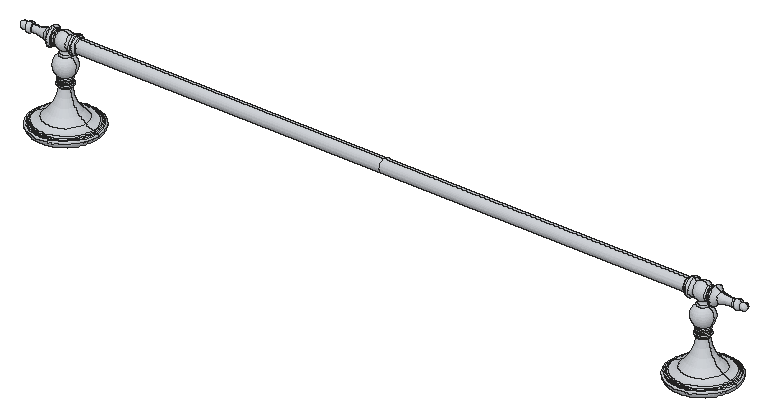
Revit family "Accessory-Towel_Bar-KOHLER-Decorative-K-26524_1", category Specialty Equipment, host Face, Revit 2021
Family settings
  Host = Face
  Round Connector Dimension = Use Diameter
  Part Type = Normal
  OmniClass Number = 23.31.25.25
  OmniClass Title = Towel Bars
  Cut with Voids When Loaded = No
  Shared = No
  Room Calculation Point = No
Parameters (values of type "CP-Polished Chrome")
  Width = 3 43/128"  # constant formula
  WaterSense Certified = 1 = 0  # no
  URL = "https://www.us.kohler.com/us/"
  Type = 3
  Product Page URL = "http://www.us.kohler.com/us/catalog/productDetails.jsp?productId=26524"
  Product Name = "Decorative"  # constant formula
  Product Documentation Link = "https://www.us.kohler.com/webassets/kpna/catalog/pdf/en/K-26524_spec_US-CA_Kohler_en.pdf"
  Model = if(Type = 1, "K-26524-2BZ", if(Type = 2, "K-26524-BN", if(Type = 3, "K-26524-CP", if(Type = 4, "K-26524-2MB", "NA"))))  # "K-26524-CP"
  Material = "Premium Metal Construction"  # constant formula
  Master Format 2014 Name = "Toilet, Bath, and Laundry Accessories"  # constant formula
  Master Format 2014 = "10 28 00"  # constant formula
  Manufacturer Address = "444 Highland Dr, Kohler, WI 53044"  # constant formula
  Manufacturer = "Kohler Co."  # constant formula
  Length = 27 85/256"  # constant formula
  Height = 2 123/256"  # constant formula
  Finish = Kohler-Metal-CP-Polished_Chrome
  Environmental Product Declaration = ""
  Description = "24 Inch towel bar"  # constant formula
  Default Elevation = 42"
  Declare Label = ""
  Date Modified = "11/21/2022"  # constant formula
  Date Created = "11/21/2022"  # constant formula
  Copyright = "Copyright Kohler Co."  # constant formula
  Contact Us = "https://www.us.kohler.com/us/static/contact.jsp"
  Assembly Code = "C1030200"
  ADA Compliant = 1 = 0  # no
Types (5): name | Type | Model | Finish
  (no name) | 3 | "K-26524-CP" | Kohler-Metal-CP-Polished_Chrome
  2BZ-Oil Rubbed Bronze | 1 | "K-26524-2BZ" | Kohler-Metal-2BZ-Oil_Rubbed_Bronze
  BN-Vibrant Brushed Nickel | 2 | "K-26524-BN" | Kohler-Metal-BN-Vibrant_Brushed_Nickel
  CP-Polished Chrome | 3 | "K-26524-CP" | Kohler-Metal-CP-Polished_Chrome
  2MB-Vibrant Brushed Moderne Brass | 4 | "K-26524-2MB" | Kohler-Metal-2MB-Vibrant_Brushed_Moderne_Brass
Reference planes (in)
  plane 1 "Center (Front/Back)": y = 0
  plane 2: z = 0
  plane 3 "Center (Left/Right)": x = 0
  plane 4: x = -13.66575
  plane 5: x = 13.66628
  plane 6: z = 3.33594
  plane 7: x = -12.00012
  plane 8: x = 12.00012
  plane 9: z = 2.98701
  plane 10: z = 2.63834
  plane 11: y = 1.24016
  plane 12: y = -1.24031
  plane 13: y = 0.23754
  plane 14: y = -0.23754
Dimensions and locks (in)
  "Length": plane 4 to plane 5
  "Height": plane 11 to plane 12
  "Width": level to plane 6
  plane 4 to plane 5 = 27 85/256"
  plane 13 to plane 14 = 0.47508"
  plane 9 to level = 2.98701"
  plane 7 to plane 8 = 24.00023"
  plane 11 to plane 12 = 2 123/256"
  level to plane 6 = 3 43/128"
  aligned and locked: plane 2 to host face
  aligned and locked: level to host face
  aligned and locked: plane 1 "Center (Front/Back)" to nested 1
  aligned and locked: plane 3 "Center (Left/Right)" to nested 1
Automatic sketch dimensions
  host sketch curve to host sketch curve = 96"  (x2)
Nested families (in)
  nested 1: "K-26524" at (0, 0, 0), type "K-26524"
Definition of nested family "K-26524"
  Parameters
    Material = none
    Default Elevation = 0"
  Reference planes (in)
    plane 1 "Center (Front/Back)": y = 0
    plane 2: z = 0
    plane 3 "Center (Left/Right)": x = 0
    plane 4: x = 13.66575
    plane 5: x = -13.66575
    plane 6: x = -12.00012
    plane 7: x = 12.00012
    plane 8: z = 2.98701
    plane 9: z = 3.33568
    plane 10: y = 1.24016
    plane 11: y = -1.24016
    plane 12: x = -10.75996
    plane 13: x = -13.24027
    plane 14: x = 10.75996
    plane 15: x = 13.24027
  Forms (in)
    Revolve 1, solid, material <- "Material", detail levels medium+fine
      sketch origin (0, 0, 0.00961) x (1, 0, 0) y (0, 0, 1)
        loop
          line (-11.43628, 2.73997) -> (0, 2.73997) -> (11.43628, 2.73997)
          arc (11.43628, 2.73997) -> (11.46482, 2.73277) -> (11.48653, 2.7129) r 0.06018
          arc (11.48653, 2.7129) -> (11.51412, 2.68604) -> (11.55041, 2.67322) r 0.08973
          arc (11.55041, 2.67322) -> (11.56827, 2.66844) -> (11.58415, 2.65897) r 0.06717
          arc (11.58415, 2.65897) -> (11.62861, 2.64943) -> (11.66287, 2.67934) r 0.05076
          arc (11.66287, 2.67934) -> (11.72813, 2.73796) -> (11.8146, 2.72324) r 0.10079
          arc (11.8146, 2.72324) -> (12.01893, 2.66383) -> (12.21584, 2.74447) r 0.32285
          arc (12.21584, 2.74447) -> (12.24588, 2.76358) -> (12.28036, 2.77244) r 0.11338
          arc (12.28036, 2.77244) -> (12.29598, 2.77293) -> (12.31155, 2.77147) r 0.1251
          line (12.31155, 2.77147) -> (12.31155, 2.74072)
          arc (12.31155, 2.74072) -> (12.31731, 2.72681) -> (12.33122, 2.72105) r 0.01967
          line (12.33122, 2.72105) -> (12.37875, 2.72105)
          arc (12.37875, 2.72105) -> (12.38858, 2.70917) -> (12.40074, 2.6997) r 0.07106
          arc (12.40074, 2.6997) -> (12.43439, 2.67399) -> (12.46233, 2.64217) r 0.2143
          arc (12.46233, 2.64217) -> (12.47616, 2.63547) -> (12.48931, 2.64342) r 0.01609
          arc (12.48931, 2.64342) -> (12.56451, 2.73064) -> (12.66593, 2.78519) r 0.31656
          arc (12.66593, 2.78519) -> (12.91678, 2.84307) -> (13.17376, 2.85835) r 1.53946
          arc (13.17376, 2.85835) -> (13.19425, 2.86182) -> (13.21195, 2.87273) r 0.05438
          arc (13.21195, 2.87273) -> (13.22904, 2.87724) -> (13.24238, 2.86564) r 0.0189
          arc (13.24238, 2.86564) -> (13.33823, 2.80739) -> (13.419, 2.8852) r 0.09189
          arc (13.419, 2.8852) -> (13.43037, 2.8983) -> (13.44705, 2.89353) r 0.01614
          arc (13.44705, 2.89353) -> (13.58545, 2.85972) -> (13.66575, 2.9774) r 0.1251
          line (13.66575, 2.9774) -> (-13.66575, 2.9774)
          arc (-13.66575, 2.9774) -> (-13.58545, 2.85972) -> (-13.44705, 2.89353) r 0.1251
          arc (-13.44705, 2.89353) -> (-13.43037, 2.8983) -> (-13.419, 2.8852) r 0.01614
          arc (-13.419, 2.8852) -> (-13.33823, 2.80739) -> (-13.24238, 2.86564) r 0.09189
          arc (-13.24238, 2.86564) -> (-13.22904, 2.87724) -> (-13.21195, 2.87273) r 0.0189
          arc (-13.21195, 2.87273) -> (-13.19425, 2.86182) -> (-13.17376, 2.85835) r 0.05438
          arc (-13.17376, 2.85835) -> (-12.91678, 2.84307) -> (-12.66593, 2.78519) r 1.53946
          arc (-12.66593, 2.78519) -> (-12.56451, 2.73064) -> (-12.48931, 2.64342) r 0.31656
          arc (-12.48931, 2.64342) -> (-12.47616, 2.63547) -> (-12.46233, 2.64217) r 0.01609
          arc (-12.46233, 2.64217) -> (-12.43439, 2.67399) -> (-12.40074, 2.6997) r 0.2143
          arc (-12.40074, 2.6997) -> (-12.38858, 2.70917) -> (-12.37875, 2.72105) r 0.07106
          line (-12.37875, 2.72105) -> (-12.33122, 2.72105)
          arc (-12.33122, 2.72105) -> (-12.31731, 2.72681) -> (-12.31155, 2.74072) r 0.01967
          line (-12.31155, 2.74072) -> (-12.31155, 2.77147)
          arc (-12.31155, 2.77147) -> (-12.29598, 2.77293) -> (-12.28036, 2.77244) r 0.1251
          arc (-12.28036, 2.77244) -> (-12.24588, 2.76358) -> (-12.21584, 2.74447) r 0.11338
          arc (-12.21584, 2.74447) -> (-12.01893, 2.66383) -> (-11.8146, 2.72324) r 0.32285
          arc (-11.8146, 2.72324) -> (-11.72813, 2.73796) -> (-11.66287, 2.67934) r 0.10079
          arc (-11.66287, 2.67934) -> (-11.62861, 2.64943) -> (-11.58415, 2.65897) r 0.05076
          arc (-11.58415, 2.65897) -> (-11.56827, 2.66844) -> (-11.55041, 2.67322) r 0.06717
          arc (-11.55041, 2.67322) -> (-11.51412, 2.68604) -> (-11.48653, 2.7129) r 0.08973
          arc (-11.48653, 2.7129) -> (-11.46482, 2.73277) -> (-11.43628, 2.73997) r 0.06018
        axis (-13.66575, 2.9774) -> (13.66575, 2.9774)
      angle from 0 to 360
    Revolve 2, solid, material <- "Material", detail levels medium+fine
      sketch origin (0, 0, 0.00961) x (-1, 0, 0) y (0, 0, -1)
        loop
          arc (12.22982, -1.841) -> (12.21344, -1.80196) -> (12.2401, -1.76906) r 0.04124
          arc (12.2401, -1.76906) -> (12.25122, -1.75887) -> (12.25192, -1.7438) r 0.01978
          arc (12.25192, -1.7438) -> (12.23707, -1.71116) -> (12.21711, -1.68139) r 0.21904
          arc (12.21711, -1.68139) -> (12.20566, -1.65803) -> (12.20511, -1.63202) r 0.06036
          arc (12.20511, -1.63202) -> (12.21258, -1.6188) -> (12.22643, -1.61258) r 0.0243
          arc (12.22643, -1.61258) -> (12.2407, -1.6073) -> (12.25066, -1.59579) r 0.0306
          arc (12.25066, -1.59579) -> (12.27191, -1.58398) -> (12.27924, -1.5608) r 0.03288
          arc (12.27924, -1.5608) -> (12.25936, -1.5219) -> (12.2176, -1.50907) r 0.05608
          line (12.2176, -1.50907) -> (12.2176, -1.47677)
          arc (12.2176, -1.47677) -> (12.21323, -1.46191) -> (12.20152, -1.45179) r 0.02745
          arc (12.20152, -1.45179) -> (12.36763, -0.88328) -> (12.74662, -0.42815) r 1.45436
          arc (12.74662, -0.42815) -> (12.88829, -0.34654) -> (13.04764, -0.31002) r 0.55173
          arc (13.04764, -0.31002) -> (13.06188, -0.30473) -> (13.07116, -0.2927) r 0.02756
          arc (13.07116, -0.2927) -> (13.08102, -0.27713) -> (13.0959, -0.26625) r 0.04948
          arc (13.0959, -0.26625) -> (13.1147, -0.25595) -> (13.1322, -0.24356) r 0.18746
          arc (13.1322, -0.24356) -> (13.15572, -0.23137) -> (13.18211, -0.22903) r 0.06842
          arc (13.18211, -0.22903) -> (13.22224, -0.21533) -> (13.23763, -0.17581) r 0.05029
          arc (13.23763, -0.17581) -> (13.17545, -0.044) -> (13.03993, 0.0096) r 0.19811
          line (13.03993, 0.0096) -> (12.00012, 0.0096) -> (12.00012, -2.73428) -> (12.18856, -2.73428)
          arc (12.18856, -2.73428) -> (12.15345, -2.65387) -> (12.17525, -2.56889) r 0.13486
          arc (12.17525, -2.56889) -> (12.20178, -2.54561) -> (12.19228, -2.51161) r 0.03315
          arc (12.19228, -2.51161) -> (12.39251, -2.18646) -> (12.22982, -1.841) r 0.40114
        axis (12.00012, -2.73428) -> (12.00012, 0.0096)
      angle from 0 to 360
    Revolve 3, solid, material <- "Material", detail levels medium+fine
      sketch origin (0, 0, 0.00961) x (1, 0, 0) y (0, 0, 1)
        loop
          arc (12.22982, 1.841) -> (12.39251, 2.18646) -> (12.19228, 2.51161) r 0.40114
          arc (12.19228, 2.51161) -> (12.20178, 2.54561) -> (12.17525, 2.56889) r 0.03315
          arc (12.17525, 2.56889) -> (12.15345, 2.65387) -> (12.18856, 2.73428) r 0.13486
          line (12.18856, 2.73428) -> (12.00012, 2.73428) -> (12.00012, -0.0096) -> (13.03993, -0.0096)
          arc (13.03993, -0.0096) -> (13.17545, 0.044) -> (13.23763, 0.17581) r 0.19811
          arc (13.23763, 0.17581) -> (13.22224, 0.21533) -> (13.18211, 0.22903) r 0.05029
          arc (13.18211, 0.22903) -> (13.15572, 0.23137) -> (13.1322, 0.24356) r 0.06842
          arc (13.1322, 0.24356) -> (13.1147, 0.25595) -> (13.0959, 0.26625) r 0.18746
          arc (13.0959, 0.26625) -> (13.08102, 0.27713) -> (13.07116, 0.2927) r 0.04948
          arc (13.07116, 0.2927) -> (13.06188, 0.30473) -> (13.04764, 0.31002) r 0.02756
          arc (13.04764, 0.31002) -> (12.88829, 0.34654) -> (12.74662, 0.42815) r 0.55173
          arc (12.74662, 0.42815) -> (12.36763, 0.88328) -> (12.20152, 1.45179) r 1.45436
          arc (12.20152, 1.45179) -> (12.21323, 1.46191) -> (12.2176, 1.47677) r 0.02745
          line (12.2176, 1.47677) -> (12.2176, 1.50907)
          arc (12.2176, 1.50907) -> (12.25936, 1.5219) -> (12.27924, 1.5608) r 0.05608
          arc (12.27924, 1.5608) -> (12.27191, 1.58398) -> (12.25066, 1.59579) r 0.03288
          arc (12.25066, 1.59579) -> (12.2407, 1.6073) -> (12.22643, 1.61258) r 0.0306
          arc (12.22643, 1.61258) -> (12.21258, 1.6188) -> (12.20511, 1.63202) r 0.0243
          arc (12.20511, 1.63202) -> (12.20566, 1.65803) -> (12.21711, 1.68139) r 0.06036
          arc (12.21711, 1.68139) -> (12.23707, 1.71116) -> (12.25192, 1.7438) r 0.21904
          arc (12.25192, 1.7438) -> (12.25122, 1.75887) -> (12.2401, 1.76906) r 0.01978
          arc (12.2401, 1.76906) -> (12.21344, 1.80196) -> (12.22982, 1.841) r 0.04124
        axis (12.00012, 2.73428) -> (12.00012, -0.0096)
      angle from 0 to 360
    Revolve 4, solid, material <- "Material", detail levels coarse
      sketch origin (0, 0, 0) x (1, 0, 0) y (0, 0, 1)
        loop
          line (-12.00012, 2.98701) -> (-12.00012, 0) -> (-10.75996, 0) -> (-10.75996, 0.30256)
          arc (-10.75996, 0.30256) -> (-11.44534, 0.98233) -> (-11.69646, 1.91441) r 1.85535
          line (-11.69646, 1.91441) -> (-11.69646, 2.98701) -> (-12.00012, 2.98701)
        axis (-12.00012, 0) -> (-12.00012, 2.98701)
      angle from 0 to 360
    Revolve 5, solid, material <- "Material", detail levels coarse
      sketch origin (0, 0, 0) x (-1, 0, 0) y (0, 0, -1)
        loop
          line (-12.00012, -2.98701) -> (-11.69646, -2.98701) -> (-11.69646, -1.91441)
          arc (-11.69646, -1.91441) -> (-11.44534, -0.98233) -> (-10.75996, -0.30256) r 1.85535
          line (-10.75996, -0.30256) -> (-10.75996, 0) -> (-12.00012, 0) -> (-12.00012, -2.98701)
        axis (-12.00012, 0) -> (-12.00012, -2.98701)
      angle from 0 to 360
    Extrusion 6, solid, material <- "Material", detail levels coarse
      sketch origin (0, 0, 0) x (0, 1, 0) y (0, 0, 1)
        loop
          circle (-0.0003, 2.98758) r 0.35772
      from -13.66575 to 13.66575
  Cuts and joins
    joined: Revolve 4, Revolve 5, Extrusion 6
  Lines and regions (in)
    Masking region 1
      outline origin (0, 0, 0) x (1, 0, 0) y (0, 0, 1)
        loop
          line (-11.99745, 0.00001) -> (-10.95497, 0.00001)
          arc (-10.95497, 0.00001) -> (-10.82138, 0.05391) -> (-10.76261, 0.18542) r 0.19249
          arc (-10.76261, 0.18542) -> (-10.77843, 0.22448) -> (-10.81812, 0.23864) r 0.05149
          arc (-10.81812, 0.23864) -> (-10.84441, 0.24134) -> (-10.86803, 0.25317) r 0.07333
          arc (-10.86803, 0.25317) -> (-10.88569, 0.26531) -> (-10.90433, 0.27586) r 0.24605
          arc (-10.90433, 0.27586) -> (-10.91903, 0.28692) -> (-10.92908, 0.30232) r 0.05319
          arc (-10.92908, 0.30232) -> (-10.94575, 0.31489) -> (-10.96573, 0.32094) r 0.05953
          arc (-10.96573, 0.32094) -> (-11.15744, 0.38087) -> (-11.32316, 0.49435) r 0.67778
          arc (-11.32316, 0.49435) -> (-11.64956, 0.93483) -> (-11.79571, 1.46322) r 1.49872
          arc (-11.79571, 1.46322) -> (-11.7823, 1.47849) -> (-11.78139, 1.4988) r 0.03064
          arc (-11.78139, 1.4988) -> (-11.77818, 1.51677) -> (-11.76178, 1.52476) r 0.02013
          arc (-11.76178, 1.52476) -> (-11.72099, 1.55999) -> (-11.75144, 1.60446) r 0.04044
          arc (-11.75144, 1.60446) -> (-11.76062, 1.61718) -> (-11.77503, 1.62341) r 0.02953
          arc (-11.77503, 1.62341) -> (-11.79634, 1.63977) -> (-11.79326, 1.66646) r 0.02724
          arc (-11.79326, 1.66646) -> (-11.76778, 1.70673) -> (-11.74786, 1.75003) r 0.3585
          arc (-11.74786, 1.75003) -> (-11.74875, 1.76504) -> (-11.76059, 1.77432) r 0.01829
          arc (-11.76059, 1.77432) -> (-11.78842, 1.80349) -> (-11.77367, 1.84101) r 0.03746
          arc (-11.77367, 1.84101) -> (-11.60736, 2.18939) -> (-11.80891, 2.51864) r 0.40457
          arc (-11.80891, 2.51864) -> (-11.79808, 2.55266) -> (-11.82273, 2.5785) r 0.03502
          arc (-11.82273, 2.5785) -> (-11.84222, 2.61513) -> (-11.84951, 2.65598) r 0.13338
          arc (-11.84951, 2.65598) -> (-11.77124, 2.75245) -> (-11.66311, 2.6913) r 0.09619
          arc (-11.66311, 2.6913) -> (-11.6203, 2.65834) -> (-11.57199, 2.68255) r 0.05083
          arc (-11.57199, 2.68255) -> (-11.53711, 2.68661) -> (-11.50476, 2.70028) r 0.12404
          arc (-11.50476, 2.70028) -> (-11.48637, 2.72155) -> (-11.48411, 2.74959) r 0.04523
          line (-11.48411, 2.74959) -> (0, 2.74959) -> (11.48411, 2.74959)
          arc (11.48411, 2.74959) -> (11.48637, 2.72155) -> (11.50476, 2.70028) r 0.04523
          arc (11.50476, 2.70028) -> (11.53711, 2.68661) -> (11.57199, 2.68255) r 0.12404
          arc (11.57199, 2.68255) -> (11.6203, 2.65834) -> (11.66311, 2.6913) r 0.05083
          arc (11.66311, 2.6913) -> (11.77124, 2.75245) -> (11.84951, 2.65598) r 0.09619
          arc (11.84951, 2.65598) -> (11.84222, 2.61513) -> (11.82273, 2.5785) r 0.13338
          arc (11.82273, 2.5785) -> (11.79808, 2.55266) -> (11.80891, 2.51864) r 0.03502
          arc (11.80891, 2.51864) -> (11.60736, 2.18939) -> (11.77367, 1.84101) r 0.40457
          arc (11.77367, 1.84101) -> (11.78842, 1.80349) -> (11.76059, 1.77432) r 0.03746
          arc (11.76059, 1.77432) -> (11.74875, 1.76504) -> (11.74786, 1.75003) r 0.01829
          arc (11.74786, 1.75003) -> (11.76778, 1.70673) -> (11.79326, 1.66646) r 0.3585
          arc (11.79326, 1.66646) -> (11.79634, 1.63977) -> (11.77503, 1.62341) r 0.02724
          arc (11.77503, 1.62341) -> (11.76062, 1.61718) -> (11.75144, 1.60446) r 0.02953
          arc (11.75144, 1.60446) -> (11.72099, 1.55999) -> (11.76178, 1.52476) r 0.04044
          arc (11.76178, 1.52476) -> (11.77818, 1.51677) -> (11.78139, 1.4988) r 0.02013
          arc (11.78139, 1.4988) -> (11.7823, 1.47849) -> (11.79571, 1.46322) r 0.03064
          arc (11.79571, 1.46322) -> (11.64956, 0.93483) -> (11.32316, 0.49435) r 1.49872
          arc (11.32316, 0.49435) -> (11.15744, 0.38087) -> (10.96573, 0.32094) r 0.67778
          arc (10.96573, 0.32094) -> (10.94575, 0.31489) -> (10.92908, 0.30232) r 0.05953
          arc (10.92908, 0.30232) -> (10.91903, 0.28692) -> (10.90433, 0.27586) r 0.05319
          arc (10.90433, 0.27586) -> (10.88569, 0.26531) -> (10.86803, 0.25317) r 0.24605
          arc (10.86803, 0.25317) -> (10.84441, 0.24134) -> (10.81812, 0.23864) r 0.07333
          arc (10.81812, 0.23864) -> (10.77843, 0.22448) -> (10.76261, 0.18542) r 0.05149
          arc (10.76261, 0.18542) -> (10.82138, 0.05391) -> (10.95497, 0.00001) r 0.19249
          line (10.95497, 0.00001) -> (11.99745, 0.00001)
        loop
          line (-12.00278, 0.00001) -> (-13.04526, 0.00001)
          arc (-13.04526, 0.00001) -> (-13.17885, 0.05391) -> (-13.23763, 0.18542) r 0.19249
          arc (-13.23763, 0.18542) -> (-13.2218, 0.22448) -> (-13.18211, 0.23864) r 0.05149
          arc (-13.18211, 0.23864) -> (-13.15583, 0.24134) -> (-13.1322, 0.25317) r 0.07333
          arc (-13.1322, 0.25317) -> (-13.11455, 0.26531) -> (-13.0959, 0.27586) r 0.24605
          arc (-13.0959, 0.27586) -> (-13.0812, 0.28692) -> (-13.07115, 0.30232) r 0.05319
          arc (-13.07115, 0.30232) -> (-13.05449, 0.31489) -> (-13.0345, 0.32094) r 0.05953
          arc (-13.0345, 0.32094) -> (-12.8428, 0.38087) -> (-12.67707, 0.49435) r 0.67778
          arc (-12.67707, 0.49435) -> (-12.35067, 0.93483) -> (-12.20452, 1.46322) r 1.49872
          arc (-12.20452, 1.46322) -> (-12.21794, 1.47849) -> (-12.21884, 1.4988) r 0.03064
          arc (-12.21884, 1.4988) -> (-12.22205, 1.51677) -> (-12.23846, 1.52476) r 0.02013
          arc (-12.23846, 1.52476) -> (-12.27924, 1.55999) -> (-12.24879, 1.60446) r 0.04044
          arc (-12.24879, 1.60446) -> (-12.23961, 1.61718) -> (-12.2252, 1.62341) r 0.02953
          arc (-12.2252, 1.62341) -> (-12.20389, 1.63977) -> (-12.20698, 1.66646) r 0.02724
          arc (-12.20698, 1.66646) -> (-12.23246, 1.70673) -> (-12.25237, 1.75003) r 0.3585
          arc (-12.25237, 1.75003) -> (-12.25148, 1.76504) -> (-12.23964, 1.77432) r 0.01829
          arc (-12.23964, 1.77432) -> (-12.21181, 1.80349) -> (-12.22656, 1.84101) r 0.03746
          arc (-12.22656, 1.84101) -> (-12.39288, 2.18939) -> (-12.19132, 2.51864) r 0.40457
          arc (-12.19132, 2.51864) -> (-12.20304, 2.54392) -> (-12.19259, 2.56975) r 0.03502
          arc (-12.19259, 2.56975) -> (-12.17371, 2.7188) -> (-12.31424, 2.77192) r 0.12132
          line (-12.31424, 2.77192) -> (-12.31424, 2.73066) -> (-12.3795, 2.73066)
          arc (-12.3795, 2.73066) -> (-12.39085, 2.71758) -> (-12.40443, 2.70681) r 0.09359
          arc (-12.40443, 2.70681) -> (-12.44536, 2.67195) -> (-12.47617, 2.62789) r 0.21136
          arc (-12.47617, 2.62789) -> (-12.55902, 2.73555) -> (-12.67792, 2.80125) r 0.3336
          arc (-12.67792, 2.80125) -> (-12.92382, 2.8558) -> (-13.17532, 2.86975) r 1.5479
          arc (-13.17532, 2.86975) -> (-13.19727, 2.8739) -> (-13.21554, 2.88674) r 0.05286
          arc (-13.21554, 2.88674) -> (-13.22985, 2.89109) -> (-13.24063, 2.88073) r 0.01478
          arc (-13.24063, 2.88073) -> (-13.32842, 2.81585) -> (-13.41311, 2.88472) r 0.08907
          arc (-13.41311, 2.88472) -> (-13.42297, 2.90177) -> (-13.43902, 2.9132) r 0.04645
          arc (-13.43902, 2.9132) -> (-13.57913, 2.86794) -> (-13.66575, 2.98701) r 0.12545
          arc (-13.66575, 2.98701) -> (-13.57913, 3.10608) -> (-13.43902, 3.06082) r 0.12545
          arc (-13.43902, 3.06082) -> (-13.42297, 3.07225) -> (-13.41311, 3.0893) r 0.04645
          arc (-13.41311, 3.0893) -> (-13.32842, 3.15817) -> (-13.24063, 3.0933) r 0.08907
          arc (-13.24063, 3.0933) -> (-13.22985, 3.08293) -> (-13.21554, 3.08728) r 0.01478
          arc (-13.21554, 3.08728) -> (-13.19727, 3.10012) -> (-13.17532, 3.10427) r 0.05286
          arc (-13.17532, 3.10427) -> (-12.92382, 3.11822) -> (-12.67792, 3.17278) r 1.5479
          arc (-12.67792, 3.17278) -> (-12.55902, 3.23848) -> (-12.47617, 3.34613) r 0.3336
          arc (-12.47617, 3.34613) -> (-12.44536, 3.30207) -> (-12.40443, 3.26721) r 0.21136
          arc (-12.40443, 3.26721) -> (-12.39085, 3.25644) -> (-12.3795, 3.24336) r 0.09359
          line (-12.3795, 3.24336) -> (-12.31424, 3.24336) -> (-12.31424, 3.21044)
          arc (-12.31424, 3.21044) -> (-12.3083, 3.19616) -> (-12.29399, 3.1903) r 0.02014
          arc (-12.29399, 3.1903) -> (-12.24237, 3.20587) -> (-12.19594, 3.2333) r 0.22451
          arc (-12.19594, 3.2333) -> (-12.01023, 3.29986) -> (-11.82041, 3.24613) r 0.32338
          arc (-11.82041, 3.24613) -> (-11.73058, 3.23159) -> (-11.6604, 3.28951) r 0.11028
          arc (-11.6604, 3.28951) -> (-11.61678, 3.3174) -> (-11.57196, 3.29149) r 0.04981
          arc (-11.57196, 3.29149) -> (-11.54106, 3.28766) -> (-11.51164, 3.27744) r 0.14791
          arc (-11.51164, 3.27744) -> (-11.48915, 3.25566) -> (-11.48471, 3.22467) r 0.04836
          line (-11.48471, 3.22467) -> (0, 3.22467) -> (11.48471, 3.22467)
          arc (11.48471, 3.22467) -> (11.48915, 3.25566) -> (11.51164, 3.27744) r 0.04836
          arc (11.51164, 3.27744) -> (11.54106, 3.28766) -> (11.57196, 3.29149) r 0.14791
          arc (11.57196, 3.29149) -> (11.61678, 3.3174) -> (11.6604, 3.28951) r 0.04981
          arc (11.6604, 3.28951) -> (11.73058, 3.23159) -> (11.82041, 3.24613) r 0.11028
          arc (11.82041, 3.24613) -> (12.01023, 3.29986) -> (12.19594, 3.2333) r 0.32338
          arc (12.19594, 3.2333) -> (12.24237, 3.20587) -> (12.29399, 3.1903) r 0.22451
          arc (12.29399, 3.1903) -> (12.3083, 3.19616) -> (12.31424, 3.21044) r 0.02014
          line (12.31424, 3.21044) -> (12.31424, 3.24336) -> (12.3795, 3.24336)
          arc (12.3795, 3.24336) -> (12.39085, 3.25644) -> (12.40443, 3.26721) r 0.09359
          arc (12.40443, 3.26721) -> (12.44536, 3.30207) -> (12.47617, 3.34613) r 0.21136
          arc (12.47617, 3.34613) -> (12.55902, 3.23848) -> (12.67792, 3.17278) r 0.3336
          arc (12.67792, 3.17278) -> (12.92382, 3.11822) -> (13.17532, 3.10427) r 1.5479
          arc (13.17532, 3.10427) -> (13.19727, 3.10012) -> (13.21554, 3.08728) r 0.05286
          arc (13.21554, 3.08728) -> (13.22985, 3.08293) -> (13.24063, 3.0933) r 0.01478
          arc (13.24063, 3.0933) -> (13.32842, 3.15817) -> (13.41311, 3.0893) r 0.08907
          arc (13.41311, 3.0893) -> (13.42297, 3.07225) -> (13.43902, 3.06082) r 0.04645
          arc (13.43902, 3.06082) -> (13.57913, 3.10608) -> (13.66575, 2.98701) r 0.12545
          arc (13.66575, 2.98701) -> (13.57913, 2.86794) -> (13.43902, 2.9132) r 0.12545
          arc (13.43902, 2.9132) -> (13.42297, 2.90177) -> (13.41311, 2.88472) r 0.04645
          arc (13.41311, 2.88472) -> (13.32842, 2.81585) -> (13.24063, 2.88073) r 0.08907
          arc (13.24063, 2.88073) -> (13.22985, 2.89109) -> (13.21554, 2.88674) r 0.01478
          arc (13.21554, 2.88674) -> (13.19727, 2.8739) -> (13.17532, 2.86975) r 0.05286
          arc (13.17532, 2.86975) -> (12.92382, 2.8558) -> (12.67792, 2.80125) r 1.5479
          arc (12.67792, 2.80125) -> (12.55902, 2.73555) -> (12.47617, 2.62789) r 0.3336
          arc (12.47617, 2.62789) -> (12.44536, 2.67195) -> (12.40443, 2.70681) r 0.21136
          arc (12.40443, 2.70681) -> (12.39085, 2.71758) -> (12.3795, 2.73066) r 0.09359
          line (12.3795, 2.73066) -> (12.31424, 2.73066) -> (12.31424, 2.77192)
          arc (12.31424, 2.77192) -> (12.17371, 2.7188) -> (12.19259, 2.56975) r 0.12132
          arc (12.19259, 2.56975) -> (12.20304, 2.54392) -> (12.19132, 2.51864) r 0.03502
          arc (12.19132, 2.51864) -> (12.39288, 2.18939) -> (12.22656, 1.84101) r 0.40457
          arc (12.22656, 1.84101) -> (12.21181, 1.80349) -> (12.23964, 1.77432) r 0.03746
          arc (12.23964, 1.77432) -> (12.25148, 1.76504) -> (12.25237, 1.75003) r 0.01829
          arc (12.25237, 1.75003) -> (12.23246, 1.70673) -> (12.20698, 1.66646) r 0.3585
          arc (12.20698, 1.66646) -> (12.20389, 1.63977) -> (12.2252, 1.62341) r 0.02724
          arc (12.2252, 1.62341) -> (12.23961, 1.61718) -> (12.24879, 1.60446) r 0.02953
          arc (12.24879, 1.60446) -> (12.27924, 1.55999) -> (12.23846, 1.52476) r 0.04044
          arc (12.23846, 1.52476) -> (12.22205, 1.51677) -> (12.21884, 1.4988) r 0.02013
          arc (12.21884, 1.4988) -> (12.21794, 1.47849) -> (12.20452, 1.46322) r 0.03064
          arc (12.20452, 1.46322) -> (12.35067, 0.93483) -> (12.67707, 0.49435) r 1.49872
          arc (12.67707, 0.49435) -> (12.8428, 0.38087) -> (13.0345, 0.32094) r 0.67778
          arc (13.0345, 0.32094) -> (13.05449, 0.31489) -> (13.07115, 0.30232) r 0.05953
          arc (13.07115, 0.30232) -> (13.0812, 0.28692) -> (13.0959, 0.27586) r 0.05319
          arc (13.0959, 0.27586) -> (13.11455, 0.26531) -> (13.1322, 0.25317) r 0.24605
          arc (13.1322, 0.25317) -> (13.15583, 0.24134) -> (13.18211, 0.23864) r 0.07333
          arc (13.18211, 0.23864) -> (13.2218, 0.22448) -> (13.23763, 0.18542) r 0.05149
          arc (13.23763, 0.18542) -> (13.17885, 0.05391) -> (13.04526, 0.00001) r 0.19249
          line (13.04526, 0.00001) -> (12.00278, 0.00001)
    Masking region 2
      outline origin (0, 0, 0) x (0, 1, 0) y (0, 0, 1)
        loop
          line (0.04796, 0.00001) -> (1.04248, 0.00001)
          arc (1.04248, 0.00001) -> (1.16887, 0.04539) -> (1.23753, 0.16081) r 0.19869
          arc (1.23753, 0.16081) -> (1.22239, 0.21672) -> (1.1689, 0.23896) r 0.06574
          arc (1.1689, 0.23896) -> (1.14769, 0.24199) -> (1.12942, 0.25317) r 0.05291
          arc (1.12942, 0.25317) -> (1.11238, 0.26629) -> (1.09311, 0.27586) r 0.11057
          arc (1.09311, 0.27586) -> (1.07841, 0.2852) -> (1.06855, 0.29956) r 0.04343
          arc (1.06855, 0.29956) -> (1.05641, 0.31507) -> (1.0381, 0.3223) r 0.03759
          arc (1.0381, 0.3223) -> (0.84835, 0.37171) -> (0.68427, 0.47907) r 0.60658
          arc (0.68427, 0.47907) -> (0.35085, 0.92557) -> (0.20428, 1.46321) r 1.49374
          arc (0.20428, 1.46321) -> (0.21586, 1.48057) -> (0.21894, 1.50122) r 0.04783
          arc (0.21894, 1.50122) -> (0.22435, 1.51743) -> (0.23967, 1.52502) r 0.02226
          arc (0.23967, 1.52502) -> (0.2773, 1.5671) -> (0.23604, 1.60562) r 0.04035
          arc (0.23604, 1.60562) -> (0.22707, 1.61883) -> (0.21271, 1.62581) r 0.03095
          arc (0.21271, 1.62581) -> (0.20555, 1.66389) -> (0.22293, 1.69853) r 0.06062
          arc (0.22293, 1.69853) -> (0.23972, 1.71992) -> (0.25071, 1.74478) r 0.10931
          arc (0.25071, 1.74478) -> (0.24973, 1.76124) -> (0.23835, 1.77317) r 0.02396
          arc (0.23835, 1.77317) -> (0.21365, 1.80927) -> (0.23176, 1.84908) r 0.04453
          arc (0.23176, 1.84908) -> (0.39404, 2.19573) -> (0.18854, 2.51864) r 0.39752
          arc (0.18854, 2.51864) -> (0.20249, 2.54678) -> (0.18676, 2.57397) r 0.03323
          arc (0.18676, 2.57397) -> (0.15659, 2.6283) -> (0.18703, 2.68247) r 0.0637
          arc (0.18703, 2.68247) -> (0.34458, 3.08472) -> (0, 3.34529) r 0.35772
          arc (0, 3.34529) -> (-0.34458, 3.08472) -> (-0.18703, 2.68247) r 0.35772
          arc (-0.18703, 2.68247) -> (-0.15659, 2.6283) -> (-0.18676, 2.57397) r 0.0637
          arc (-0.18676, 2.57397) -> (-0.20249, 2.54678) -> (-0.18854, 2.51864) r 0.03323
          arc (-0.18854, 2.51864) -> (-0.39404, 2.19573) -> (-0.23176, 1.84908) r 0.39752
          arc (-0.23176, 1.84908) -> (-0.21365, 1.80927) -> (-0.23835, 1.77317) r 0.04453
          arc (-0.23835, 1.77317) -> (-0.24973, 1.76124) -> (-0.25071, 1.74478) r 0.02396
          arc (-0.25071, 1.74478) -> (-0.23972, 1.71992) -> (-0.22293, 1.69853) r 0.10931
          arc (-0.22293, 1.69853) -> (-0.20555, 1.66389) -> (-0.21271, 1.62581) r 0.06062
          arc (-0.21271, 1.62581) -> (-0.22707, 1.61883) -> (-0.23604, 1.60562) r 0.03095
          arc (-0.23604, 1.60562) -> (-0.2773, 1.5671) -> (-0.23967, 1.52502) r 0.04035
          arc (-0.23967, 1.52502) -> (-0.22435, 1.51743) -> (-0.21894, 1.50122) r 0.02226
          arc (-0.21894, 1.50122) -> (-0.21586, 1.48057) -> (-0.20428, 1.46321) r 0.04783
          arc (-0.20428, 1.46321) -> (-0.35085, 0.92557) -> (-0.68427, 0.47907) r 1.49374
          arc (-0.68427, 0.47907) -> (-0.84835, 0.37171) -> (-1.0381, 0.3223) r 0.60658
          arc (-1.0381, 0.3223) -> (-1.05641, 0.31507) -> (-1.06855, 0.29956) r 0.03759
          arc (-1.06855, 0.29956) -> (-1.07841, 0.2852) -> (-1.09311, 0.27586) r 0.04343
          arc (-1.09311, 0.27586) -> (-1.11238, 0.26629) -> (-1.12942, 0.25317) r 0.11057
          arc (-1.12942, 0.25317) -> (-1.14769, 0.24199) -> (-1.1689, 0.23896) r 0.05291
          arc (-1.1689, 0.23896) -> (-1.22239, 0.21672) -> (-1.23753, 0.16081) r 0.06574
          arc (-1.23753, 0.16081) -> (-1.16887, 0.04539) -> (-1.04248, 0.00001) r 0.19869
          line (-1.04248, 0.00001) -> (0.04796, 0.00001)
    Masking region 3
      outline origin (0, 0, 0) x (1, 0, 0) y (0, 1, 0)
        loop
          arc (-13.66575, 0) -> (-13.5856, -0.11701) -> (-13.44757, -0.08442) r 0.1254
          arc (-13.44757, -0.08442) -> (-13.4303, -0.07972) -> (-13.41876, -0.09339) r 0.01664
          arc (-13.41876, -0.09339) -> (-13.33238, -0.17401) -> (-13.23631, -0.10523) r 0.09325
          arc (-13.23631, -0.10523) -> (-12.8405, -0.91482) -> (-12.00012, -1.24016) r 1.23535
          arc (-12.00012, -1.24016) -> (-11.21206, -0.95593) -> (-10.7811, -0.23754) r 1.24843
          line (-10.7811, -0.23754) -> (0, -0.23754) -> (10.7811, -0.23754)
          arc (10.7811, -0.23754) -> (11.21206, -0.95593) -> (12.00012, -1.24016) r 1.24843
          arc (12.00012, -1.24016) -> (12.8405, -0.91482) -> (13.23631, -0.10523) r 1.23535
          arc (13.23631, -0.10523) -> (13.33238, -0.17401) -> (13.41876, -0.09339) r 0.09325
          arc (13.41876, -0.09339) -> (13.4303, -0.07972) -> (13.44757, -0.08442) r 0.01664
          arc (13.44757, -0.08442) -> (13.5856, -0.11701) -> (13.66575, 0) r 0.1254
          arc (13.66575, 0) -> (13.5856, 0.11701) -> (13.44757, 0.08442) r 0.1254
          arc (13.44757, 0.08442) -> (13.4303, 0.07972) -> (13.41876, 0.09339) r 0.01664
          arc (13.41876, 0.09339) -> (13.33238, 0.17401) -> (13.23631, 0.10523) r 0.09325
          arc (13.23631, 0.10523) -> (12.8405, 0.91482) -> (12.00012, 1.24016) r 1.23535
          arc (12.00012, 1.24016) -> (11.21206, 0.95593) -> (10.7811, 0.23754) r 1.24843
          line (10.7811, 0.23754) -> (0, 0.23754) -> (-10.7811, 0.23754)
          arc (-10.7811, 0.23754) -> (-11.21206, 0.95593) -> (-12.00012, 1.24016) r 1.24843
          arc (-12.00012, 1.24016) -> (-12.8405, 0.91482) -> (-13.23631, 0.10523) r 1.23535
          arc (-13.23631, 0.10523) -> (-13.33238, 0.17401) -> (-13.41876, 0.09339) r 0.09325
          arc (-13.41876, 0.09339) -> (-13.4303, 0.07972) -> (-13.44757, 0.08442) r 0.01664
          arc (-13.44757, 0.08442) -> (-13.5856, 0.11701) -> (-13.66575, 0) r 0.1254
    symbolic lines, detail levels medium+fine
      curve 1: line (-13.43902, 0, 3.06082) -> (-13.43902, 0, 2.9132)
      curve 2: line (-13.24063, 0, 3.0933) -> (-13.24063, 0, 2.88073)
      curve 3: line (-13.20811, 0, 3.09379) -> (-13.20811, 0, 2.88024)
      curve 4: line (-12.47617, 0, 3.34613) -> (-12.47617, 0, 2.62789)
      curve 5: line (-12.3795, 0, 3.24336) -> (-12.3795, 0, 2.73066)
      curve 6: line (-12.31424, 0, 2.77192) -> (-12.31424, 0, 3.21044)
      curve 7: line (-12.29399, 0, 3.1903) -> (-12.29399, 0, 2.77571)
      curve 8: line (-12.28679, 0, 3.19202) -> (-12.28679, 0, 2.77706)
      curve 9: line (-12.17159, 0, 3.2501) -> (-12.17159, 0, 2.71355)
      curve 10: line (-11.66355, 0, 3.28468) -> (-11.66355, 0, 2.69213)
      curve 11: line (-11.57196, 0, 3.29149) -> (-11.57196, 0, 2.68255)
      curve 12: line (-11.48471, 0, 3.22467) -> (-11.48471, 0, 2.72646)
      curve 13: line (13.43902, 0, 3.06082) -> (13.43902, 0, 2.9132)
      curve 14: line (13.24063, 0, 3.0933) -> (13.24063, 0, 2.88073)
      curve 15: line (13.20811, 0, 3.09379) -> (13.20811, 0, 2.88024)
      curve 16: line (12.47617, 0, 3.34613) -> (12.47617, 0, 2.62789)
      curve 17: line (12.3795, 0, 3.24336) -> (12.3795, 0, 2.73066)
      curve 18: line (12.31424, 0, 2.77192) -> (12.31424, 0, 3.21044)
      curve 19: line (12.29399, 0, 3.1903) -> (12.29399, 0, 2.77571)
      curve 20: line (12.28679, 0, 3.19202) -> (12.28679, 0, 2.77706)
      curve 21: line (12.17159, 0, 3.2501) -> (12.17159, 0, 2.71355)
      curve 22: line (11.66355, 0, 3.28468) -> (11.66355, 0, 2.69213)
      curve 23: line (11.57196, 0, 3.29149) -> (11.57196, 0, 2.68255)
      curve 24: line (11.48471, 0, 3.22467) -> (11.48471, 0, 2.72646)
      curve 25: line (-13.17454, 0, 0.23896) -> (-10.82569, 0, 0.23896)
      curve 26: line (-13.1322, 0, 0.25317) -> (-10.86803, 0, 0.25317)
      curve 27: line (-13.0959, 0, 0.27586) -> (-10.90433, 0, 0.27586)
      curve 28: line (-13.06063, 0, 0.31128) -> (-10.93961, 0, 0.31128)
      curve 29: line (-13.0345, 0, 0.32094) -> (-10.96573, 0, 0.32094)
      curve 30: line (-12.20452, 0, 1.46322) -> (-11.79571, 0, 1.46322)
      curve 31: line (-12.22616, 0, 1.52072) -> (-11.77407, 0, 1.52072)
      curve 32: line (-12.24821, 0, 1.60562) -> (-11.75203, 0, 1.60562)
      curve 33: line (-12.21724, 0, 1.62597) -> (-11.78299, 0, 1.62597)
      curve 34: line (-11.76177, 0, 1.77477) -> (-12.23846, 0, 1.77477)
      curve 35: line (-12.22563, 0, 1.84013) -> (-11.7746, 0, 1.84013)
      curve 36: line (-11.80891, 0, 2.51864) -> (-12.19132, 0, 2.51864)
      curve 37: line (-12.18563, 0, 2.5785) -> (-11.82273, 0, 2.5785)
      curve 38: line (13.17454, 0, 0.23896) -> (10.82569, 0, 0.23896)
      curve 39: line (13.1322, 0, 0.25317) -> (10.86803, 0, 0.25317)
      curve 40: line (13.0959, 0, 0.27586) -> (10.90433, 0, 0.27586)
      curve 41: line (13.06063, 0, 0.31128) -> (10.93961, 0, 0.31128)
      curve 42: line (13.0345, 0, 0.32094) -> (10.96573, 0, 0.32094)
      curve 43: line (12.20452, 0, 1.46322) -> (11.79571, 0, 1.46322)
      curve 44: line (12.22616, 0, 1.52072) -> (11.77407, 0, 1.52072)
      curve 45: line (12.24821, 0, 1.60562) -> (11.75203, 0, 1.60562)
      curve 46: line (12.21724, 0, 1.62597) -> (11.78299, 0, 1.62597)
      curve 47: line (11.76177, 0, 1.77477) -> (12.23846, 0, 1.77477)
      curve 48: line (12.22563, 0, 1.84013) -> (11.7746, 0, 1.84013)
      curve 49: line (11.80891, 0, 2.51864) -> (12.19132, 0, 2.51864)
      curve 50: line (12.18563, 0, 2.5785) -> (11.82273, 0, 2.5785)
      curve 51: line (0, 1.1689, 0.23896) -> (0, -1.1689, 0.23896)
      curve 52: line (0, 1.12942, 0.25317) -> (0, -1.12942, 0.25317)
      curve 53: line (0, 1.09311, 0.27586) -> (0, -1.09311, 0.27586)
      curve 54: line (0, 1.06055, 0.31128) -> (0, -1.06055, 0.31128)
      curve 55: line (0, 1.04428, 0.32094) -> (0, -1.04428, 0.32094)
      curve 56: line (0, 0.20429, 1.46322) -> (0, -0.20429, 1.46322)
      curve 57: line (0, 0.22815, 1.52072) -> (0, -0.22815, 1.52072)
      curve 58: line (0, 0.23604, 1.60562) -> (0, -0.23604, 1.60562)
      curve 59: line (0, 0.21264, 1.62597) -> (0, -0.21264, 1.62597)
      curve 60: line (0, -0.23594, 1.77477) -> (0, 0.23594, 1.77477)
      curve 61: line (0, -0.2228, 1.84013) -> (0, 0.2228, 1.84013)
      curve 62: line (0, -0.18854, 2.51864) -> (0, 0.18854, 2.51864)
      curve 63: line (0, 0.18119, 2.5785) -> (0, -0.18119, 2.5785)
      curve 64: arc (0, -0.18307, 2.67928) -> (0, 0, 2.62896) -> (0, 0.18307, 2.67929) r 0.35817
      curve 65: circle (0, 0, 2.98697) r 0.12992 normal (-1, 0, 0)
      curve 66: circle (0, 0, 2.98697) r 0.20276 normal (-1, 0, 0)
      curve 67: arc (-13.23631, 0.10523, 0) -> (-13.2194, 0.10072, 0) -> (-13.20439, 0.10972, 0) r 0.02244
      curve 68: arc (-13.20439, 0.10972, 0) -> (-13.18565, 0.11792, 0) -> (-13.16525, 0.11948, 0) r 0.06119
      curve 69: arc (-13.16525, 0.11948, 0) -> (-12.95577, 0.1263, 0) -> (-12.74945, 0.16318, 0) r 1.45337
      curve 70: arc (-12.74945, 0.16318, 0) -> (-12.58705, 0.22652, 0) -> (-12.47599, 0.36087, 0) r 0.34678
      curve 71: arc (-12.47599, 0.36087, 0) -> (-12.44312, 0.31133, 0) -> (-12.39528, 0.27602, 0) r 0.17114
      curve 72: arc (-12.39528, 0.27602, 0) -> (-12.38841, 0.27004, 0) -> (-12.38534, 0.26147, 0) r 0.01803
      curve 73: arc (-12.38534, 0.26147, 0) -> (-12.3823, 0.25646, 0) -> (-12.37648, 0.25581, 0) r 0.00664
      curve 74: line (-12.37648, 0.25581, 0) -> (-12.31424, 0.25581, 0)
      curve 75: line (-12.31424, 0.25581, 0) -> (-12.31424, 0.21053, 0)
      curve 76: arc (-12.31424, 0.21053, 0) -> (-12.29845, 0.20509, 0) -> (-12.28182, 0.20655, 0) r 0.04006
      curve 77: arc (-12.28182, 0.20655, 0) -> (-12.24193, 0.22095, 0) -> (-12.20526, 0.24225, 0) r 0.23617
      curve 78: arc (-12.20526, 0.24225, 0) -> (-12.00166, 0.30704, 0) -> (-11.79805, 0.24225, 0) r 0.35233
      curve 79: arc (-11.79805, 0.24225, 0) -> (-11.71576, 0.25508, 0) -> (-11.65361, 0.31052, 0) r 0.14718
      curve 80: arc (-11.65361, 0.31052, 0) -> (-11.61092, 0.33221, 0) -> (-11.57196, 0.30436, 0) r 0.04616
      curve 81: arc (-11.57196, 0.30436, 0) -> (-11.54052, 0.3013, 0) -> (-11.50991, 0.29342, 0) r 0.20472
      curve 82: arc (-11.50991, 0.29342, 0) -> (-11.49078, 0.27897, 0) -> (-11.48397, 0.25597, 0) r 0.03836
      curve 83: arc (-11.48397, 0.25597, 0) -> (-11.48075, 0.24478, 0) -> (-11.47162, 0.23754, 0) r 0.01908
      curve 84: line (-10.7811, 0.23754, 0) -> (-11.47162, 0.23754, 0)
      curve 85: arc (-13.23631, -0.10523, 0) -> (-13.2194, -0.10072, 0) -> (-13.20439, -0.10972, 0) r 0.02244
      curve 86: arc (-13.20439, -0.10972, 0) -> (-13.18565, -0.11792, 0) -> (-13.16525, -0.11948, 0) r 0.06119
      curve 87: arc (-13.16525, -0.11948, 0) -> (-12.95577, -0.1263, 0) -> (-12.74945, -0.16318, 0) r 1.45337
      curve 88: arc (-12.74945, -0.16318, 0) -> (-12.58705, -0.22652, 0) -> (-12.47599, -0.36087, 0) r 0.34678
      curve 89: arc (-12.47599, -0.36087, 0) -> (-12.44312, -0.31133, 0) -> (-12.39528, -0.27602, 0) r 0.17114
      curve 90: line (-12.37648, -0.25581, 0) -> (-12.31424, -0.25581, 0)
      curve 91: line (-12.31424, -0.25581, 0) -> (-12.31424, -0.21053, 0)
      curve 92: arc (-12.31424, -0.21053, 0) -> (-12.29845, -0.20509, 0) -> (-12.28182, -0.20655, 0) r 0.04006
      curve 93: arc (-12.28182, -0.20655, 0) -> (-12.24193, -0.22095, 0) -> (-12.20526, -0.24225, 0) r 0.23617
      curve 94: arc (-12.20526, -0.24225, 0) -> (-12.00166, -0.30704, 0) -> (-11.79805, -0.24225, 0) r 0.35233
      curve 95: arc (-11.79805, -0.24225, 0) -> (-11.71576, -0.25508, 0) -> (-11.65361, -0.31052, 0) r 0.14718
      curve 96: arc (-11.65361, -0.31052, 0) -> (-11.61092, -0.33221, 0) -> (-11.57196, -0.30436, 0) r 0.04616
      curve 97: arc (-11.57196, -0.30436, 0) -> (-11.54052, -0.3013, 0) -> (-11.50991, -0.29342, 0) r 0.20472
      curve 98: arc (-11.50991, -0.29342, 0) -> (-11.49078, -0.27897, 0) -> (-11.48397, -0.25597, 0) r 0.03836
      curve 99: line (-10.7811, -0.23754, 0) -> (-11.47162, -0.23754, 0)
      curve 100: arc (-12.38534, -0.26147, 0) -> (-12.3823, -0.25646, 0) -> (-12.37648, -0.25581, 0) r 0.00664
      curve 101: arc (-12.39528, -0.27602, 0) -> (-12.38841, -0.27004, 0) -> (-12.38534, -0.26147, 0) r 0.01803
      curve 102: arc (13.23631, 0.10523, 0) -> (13.2194, 0.10072, 0) -> (13.20439, 0.10972, 0) r 0.02244
      curve 103: arc (13.20439, 0.10972, 0) -> (13.18565, 0.11792, 0) -> (13.16525, 0.11948, 0) r 0.06119
      curve 104: arc (13.16525, 0.11948, 0) -> (12.95577, 0.1263, 0) -> (12.74945, 0.16318, 0) r 1.45337
      curve 105: arc (12.74945, 0.16318, 0) -> (12.58705, 0.22652, 0) -> (12.47599, 0.36087, 0) r 0.34678
      curve 106: arc (12.47599, 0.36087, 0) -> (12.44312, 0.31133, 0) -> (12.39528, 0.27602, 0) r 0.17114
      curve 107: line (12.37648, 0.25581, 0) -> (12.31424, 0.25581, 0)
      curve 108: line (12.31424, 0.25581, 0) -> (12.31424, 0.21053, 0)
      curve 109: arc (12.31424, 0.21053, 0) -> (12.29845, 0.20509, 0) -> (12.28182, 0.20655, 0) r 0.04006
      curve 110: arc (12.28182, 0.20655, 0) -> (12.24193, 0.22095, 0) -> (12.20526, 0.24225, 0) r 0.23617
      curve 111: arc (12.20526, 0.24225, 0) -> (12.00166, 0.30704, 0) -> (11.79805, 0.24225, 0) r 0.35233
      curve 112: arc (11.79805, 0.24225, 0) -> (11.71576, 0.25508, 0) -> (11.65361, 0.31052, 0) r 0.14718
      curve 113: arc (11.65361, 0.31052, 0) -> (11.61092, 0.33221, 0) -> (11.57196, 0.30436, 0) r 0.04616
      curve 114: arc (11.57196, 0.30436, 0) -> (11.54052, 0.3013, 0) -> (11.50991, 0.29342, 0) r 0.20472
      curve 115: arc (11.50991, 0.29342, 0) -> (11.49078, 0.27897, 0) -> (11.48397, 0.25597, 0) r 0.03836
      curve 116: line (10.7811, 0.23754, 0) -> (11.47162, 0.23754, 0)
      curve 117: arc (13.23631, -0.10523, 0) -> (13.2194, -0.10072, 0) -> (13.20439, -0.10972, 0) r 0.02244
      curve 118: arc (13.20439, -0.10972, 0) -> (13.18565, -0.11792, 0) -> (13.16525, -0.11948, 0) r 0.06119
      curve 119: arc (13.16525, -0.11948, 0) -> (12.95577, -0.1263, 0) -> (12.74945, -0.16318, 0) r 1.45337
      curve 120: arc (12.74945, -0.16318, 0) -> (12.58705, -0.22652, 0) -> (12.47599, -0.36087, 0) r 0.34678
      curve 121: arc (12.47599, -0.36087, 0) -> (12.44312, -0.31133, 0) -> (12.39528, -0.27602, 0) r 0.17114
      curve 122: line (12.37648, -0.25581, 0) -> (12.31424, -0.25581, 0)
      curve 123: line (12.31424, -0.25581, 0) -> (12.31424, -0.21053, 0)
      curve 124: arc (12.31424, -0.21053, 0) -> (12.29845, -0.20509, 0) -> (12.28182, -0.20655, 0) r 0.04006
      curve 125: arc (12.28182, -0.20655, 0) -> (12.24193, -0.22095, 0) -> (12.20526, -0.24225, 0) r 0.23617
      curve 126: arc (12.20526, -0.24225, 0) -> (12.00166, -0.30704, 0) -> (11.79805, -0.24225, 0) r 0.35233
      curve 127: arc (11.79805, -0.24225, 0) -> (11.71576, -0.25508, 0) -> (11.65361, -0.31052, 0) r 0.14718
      curve 128: arc (11.65361, -0.31052, 0) -> (11.61092, -0.33221, 0) -> (11.57196, -0.30436, 0) r 0.04616
      curve 129: arc (11.57196, -0.30436, 0) -> (11.54052, -0.3013, 0) -> (11.50991, -0.29342, 0) r 0.20472
      curve 130: arc (11.50991, -0.29342, 0) -> (11.49078, -0.27897, 0) -> (11.48397, -0.25597, 0) r 0.03836
      curve 131: line (10.7811, -0.23754, 0) -> (11.47162, -0.23754, 0)
      curve 132: arc (12.38534, -0.26147, 0) -> (12.3823, -0.25646, 0) -> (12.37648, -0.25581, 0) r 0.00664
      curve 133: arc (12.39528, -0.27602, 0) -> (12.38841, -0.27004, 0) -> (12.38534, -0.26147, 0) r 0.01803
      curve 134: arc (-11.48397, -0.25597, 0) -> (-11.48075, -0.24478, 0) -> (-11.47162, -0.23754, 0) r 0.01908
      curve 135: arc (12.39528, 0.27602, 0) -> (12.38841, 0.27004, 0) -> (12.38534, 0.26147, 0) r 0.01803
      curve 136: arc (12.38534, 0.26147, 0) -> (12.3823, 0.25646, 0) -> (12.37648, 0.25581, 0) r 0.00664
      curve 137: line (-13.43902, 0.07953, 0) -> (-13.43902, -0.07953, 0)
      curve 138: line (-13.23631, 0.10523, 0) -> (-13.23631, -0.10523, 0)
      curve 139: line (-13.20439, 0.10972, 0) -> (-13.20439, -0.10972, 0)
      curve 140: line (-12.47599, 0.36087, 0) -> (-12.47599, -0.36087, 0)
      curve 141: line (-12.37648, 0.25581, 0) -> (-12.37648, -0.25581, 0)
      curve 142: line (-12.31424, 0.21053, 0) -> (-12.31424, -0.21053, 0)
      curve 143: line (-12.28182, 0.20655, 0) -> (-12.28182, -0.20655, 0)
      curve 144: line (-12.17159, 0.26335, 0) -> (-12.17159, -0.26335, 0)
      curve 145: line (-11.66355, 0.30187, 0) -> (-11.66355, -0.29988, 0)
      curve 146: line (-11.57196, 0.30436, 0) -> (-11.57196, -0.30436, 0)
      curve 147: line (-11.48471, 0.26001, 0) -> (-11.48471, -0.26001, 0)
      curve 148: arc (-12.31424, 0.2341, 0) -> (-12.01552, 0.39382, 0) -> (-11.7037, 0.26149, 0) r 0.39249
      curve 149: arc (-12.31424, -0.2341, 0) -> (-12.01552, -0.39382, 0) -> (-11.7037, -0.26149, 0) r 0.39249
      curve 150: line (13.43902, 0.07953, 0) -> (13.43902, -0.07953, 0)
      curve 151: line (13.23631, 0.10523, 0) -> (13.23631, -0.10523, 0)
      curve 152: line (13.20439, 0.10972, 0) -> (13.20439, -0.10972, 0)
      curve 153: line (12.47599, 0.36087, 0) -> (12.47599, -0.36087, 0)
      curve 154: line (12.37648, 0.25581, 0) -> (12.37648, -0.25581, 0)
      curve 155: line (12.31424, 0.21053, 0) -> (12.31424, -0.21053, 0)
      curve 156: line (12.28182, 0.20655, 0) -> (12.28182, -0.20655, 0)
      curve 157: line (12.17159, 0.26335, 0) -> (12.17159, -0.26335, 0)
      curve 158: line (11.66355, 0.30187, 0) -> (11.66355, -0.29988, 0)
      curve 159: line (11.57196, 0.30436, 0) -> (11.57196, -0.30436, 0)
      curve 160: line (11.48471, 0.26001, 0) -> (11.48471, -0.26001, 0)
      curve 161: arc (12.31424, 0.2341, 0) -> (12.01552, 0.39382, 0) -> (11.7037, 0.26149, 0) r 0.39249
      curve 162: arc (12.31424, -0.2341, 0) -> (12.01552, -0.39382, 0) -> (11.7037, -0.26149, 0) r 0.39249
      curve 163: arc (11.48397, 0.25597, 0) -> (11.48075, 0.24478, 0) -> (11.47162, 0.23754, 0) r 0.01908
      curve 164: arc (11.48397, -0.25597, 0) -> (11.48075, -0.24478, 0) -> (11.47162, -0.23754, 0) r 0.01908
      curve 165: line (-11.79805, 0.24225, 0) -> (-11.79805, -0.24225, 0)
      curve 166: line (11.79805, 0.24225, 0) -> (11.79805, -0.24225, 0)
      curve 167: line (-11.82864, 0, 3.2501) -> (-11.82864, 0, 2.71355)
      curve 168: line (11.82864, 0, 3.2501) -> (11.82864, 0, 2.71355)
  Dimensions and locks (in)
    plane 7 to plane 6 = 24.00023"
    plane 8 to level = 2.98701"
    plane 5 to plane 4 = 27.3315"
    plane 9 to level = 3.33568"  (x2)
    plane 11 to plane 10 = 2.48031"
    plane 10 to plane 11 = 2.48031"
    aligned and locked: plane 2 to level
